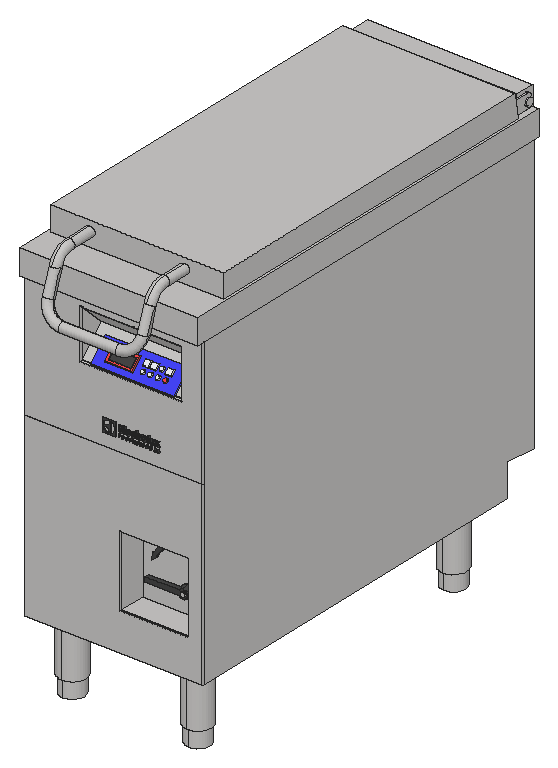
Revit family "QF_ELECTROLUXPROFESSIONAL_391350_E9PCEDRMC2", category Specialty Equipment, Revit 2018 (continued)
Automatic sketch dimensions
  Sweep 30 sketch curve to Sweep 30 sketch curve = 0 mm
  Sweep 30 sketch curve to Sweep 30 sketch curve = 52.921 mm
  Sweep 30 sketch curve to Sweep 30 sketch curve = 53 mm
  Sweep 30 sketch curve to profile plane = 0 mm
  profile plane to Sweep 30 sketch curve = 0 mm
  Sweep 31 sketch curve to plane 12 "FbY" = 77.291 mm
  Sweep 31 sketch curve to plane 25 = 48.014 mm
  Sweep 31 sketch curve to Sweep 31 sketch curve = 40 mm
  Sweep 31 sketch curve to Sweep 31 sketch curve = 13.681 mm
  Sweep 31 sketch curve to Sweep 31 sketch curve = 52.681 mm
  profile plane to Sweep 31 sketch curve = 0 mm
  Sweep 31 sketch curve to profile plane = 0 mm
  curve 1 to plane 6 "BACK" = 0 mm
  curve 1 to plane 7 "LEFT" = 0 mm
  curve 6 to plane 5 "FRONT" = 0 mm
  curve 19 to plane 5 "FRONT" = 0 mm
  curve 20 to plane 5 "FRONT" = 0 mm
  curve 24 to plane 8 "RIGHT" = 0 mm
  plane 7 "LEFT" to curve 31 = 2.5 mm
  plane 7 "LEFT" to curve 5 = 5.5 mm
  curve 31 to curve 30 = 5 mm
  curve 29 to curve 30 = 4.2 mm
  curve 28 to curve 25 = 1.8 mm
  plane 18 "C1" to curve 7 = 10 mm
  curve 15 to plane 18 "C1" = 4.758 mm
  curve 15 to curve 8 = 5.242 mm
  plane 22 "EIy" to curve 10 = 7.339 mm
  plane 22 "EIy" to curve 9 = 7.339 mm
  plane 17 "DrainY" to curve 17 = 7.339 mm
  plane 17 "DrainY" to curve 16 = 7.339 mm
  plane 19 "C2" to curve 12 = 10 mm
  plane 19 "C2" to curve 18 = 4.758 mm
  curve 11 to plane 19 "C2" = 10 mm
  plane 8 "RIGHT" to curve 25 = 13.5 mm
  curve 44 to curve 39 = 1.8 mm
  curve 37 to curve 38 = 4.2 mm
  curve 38 to curve 4 = 2 mm
  plane 8 "RIGHT" to curve 41 = 2.5 mm
  curve 12 to plane 5 "FRONT" = 31.328 mm
  curve 8 to curve 19 = 31.328 mm
  curve 18 to curve 16 = 2.708 mm
  curve 15 to curve 13 = 2.708 mm
  curve 9 to curve 13 = 5.825 mm
  curve 10 to curve 9 = 20 mm
  curve 14 to curve 13 = 7.996 mm
  curve 17 to curve 16 = 7.996 mm
  curve 5 to plane 21 "BOX" = 2.5 mm
  curve 5 to plane 6 "BACK" = 47.148 mm
  curve 4 to curve 26 = 7.148 mm
  curve 25 to curve 42 = 11.9 mm
  curve 25 to curve 31 = 11.9 mm
  curve 32 to plane 6 "BACK" = 11.9 mm
  curve 40 to plane 6 "BACK" = 11.9 mm
  curve 41 to curve 38 = 0.549 mm
  curve 32 to curve 30 = 0.549 mm
  curve 20 to curve 24 = 12.5 mm
  plane 5 "FRONT" to curve 22 = 12.5 mm
  plane 5 "FRONT" to curve 23 = 12.5 mm
  curve 4 to curve 38 = 0.61 mm
  curve 37 to curve 38 = 0 mm
  curve 5 to curve 28 = 0.61 mm
  curve 5 to curve 29 = 0.61 mm
  curve 43 to curve 42 = 0 mm
  curve 33 to curve 34 = 0 mm
  curve 35 to curve 28 = 0.549 mm
  curve 44 to curve 37 = 0.549 mm
  radius of Extrusion 1 sketch curve = 9.525 mm
  radius of Extrusion 2 sketch curve = 25 mm  (x4)
  radius of Extrusion 3 sketch curve = 28.5 mm  (x4)
  radius of Extrusion 5 sketch curve = 2.453 mm
  radius of Extrusion 5 sketch curve = 1.557 mm
  radius of Extrusion 5 sketch curve = 1.468 mm
  radius of Extrusion 5 sketch curve = 2.451 mm
  radius of Extrusion 6 sketch curve = 10 mm
  radius of Sweep 12 sketch curve = 10 mm
  radius of Sweep 13 sketch curve = 10 mm
  radius of Sweep 14 sketch curve = 10 mm
  radius of Blend 17 sketch curve = 12.025 mm
  radius of Blend 17 sketch curve = 9.25 mm
  radius of Extrusion 20 sketch curve = 5 mm
  radius of Extrusion 24 sketch curve = 8.1 mm
  radius of Extrusion 26 sketch curve = 8.1 mm
  radius of Extrusion 27 sketch curve = 9.55 mm
  radius of Sweep 29 sketch curve = 10 mm
  radius of Sweep 30 sketch curve = 10 mm
  radius of Sweep 31 sketch curve = 10 mm
Nested families
  nested 1: "QF_ELECTROLUXPROFESSIONAL_39135x_PANEL" at (40, -278.82, 692.352) x (1, 0, 0) z (0, -0.7071, 0.7071), type "QF_ELECTROLUXPROFESSIONAL_39135x_PANEL"
Connectors
  piping at (0, -135.5, 148), diameter 19.1
    settings: on Extrusion 1, index 3, connector inside diameter 609.6 mm, connector length 0 mm, flow factor 0, pipe flow 0.0 L/s, pressure drop 0.0 Pa, fitting loss kfactor 0, connector angle 0.00°, fixture units 0, engagement length 0 mm, angle of deflection 0.00°, flow configuration 1, flow direction 2, fitting loss method 0, system type 16, joint type 0, gender type 0, connector reference index -1, connector utility 0, adjustable connector no, is connector primary yes, connector description "DRAIN"
  electrical at (-52.5, 506.271, 178)
    settings: on Extrusion 6, index 4, voltage 0 V, apparent load 0 VA, apparent load phase1 0 VA, apparent load phase2 0 VA, apparent load phase3 0 VA, power factor 1, load classification "Other", number of poles 1, system type 30, power factor state 1, is connector primary yes, connector utility no, sub classification motor no, connector description "ELECTRICAL CONNECTION"
  piping at (52.5, 508.452, 178), diameter 19.1
    settings: on Extrusion 27, index 5, connector inside diameter 609.6 mm, connector length 0 mm, flow factor 0, pipe flow 0.0 L/s, pressure drop 0.0 Pa, fitting loss kfactor 0, connector angle 0.00°, fixture units 0, engagement length 0 mm, angle of deflection 0.00°, flow configuration 1, flow direction 1, fitting loss method 0, system type 20, joint type 0, gender type 0, connector reference index -1, connector utility 0, adjustable connector no, is connector primary no, connector description "COLD WATER INLET"
Definition of nested family "QF_ELECTROLUXPROFESSIONAL_39135x_PANEL"
  Parameters
    Default Elevation = 1219.2 mm
  Reference planes
    plane 1 "Center (Front/Back)": y = 0
    plane 2: z = 0
    plane 3 "Center (Left/Right)": x = 0
  Forms (mm)
    Extrusion 1, solid
      sketch origin (0, 0, 0) x (1, 0, 0) y (0, 1, 0)
        loop
          line (-1219.2, 1219.2) -> (-1219.2, -1219.2) -> (1219.2, -1219.2) -> (1219.2, 1219.2) -> (-1219.2, 1219.2)
      from 0 to -304.8
    Extrusion 2, solid
      sketch origin (0, 0, 0) x (1, 0, 0) y (0, 1, 0)
        loop
          line (-87.5, -27.5) -> (87.5, -27.5) -> (87.5, 27.5) -> (-87.5, 27.5) -> (-87.5, -27.5)
      from 0 to 1.6
    Extrusion 3, solid
      sketch origin (5, 0, 0) x (1, 0, 0) y (0, 1, 0)
        loop
          line (0, 13.927) -> (0, 1.927) -> (12, 1.927) -> (12, 13.927) -> (0, 13.927)
        loop
          line (16, 13.927) -> (16, 1.927) -> (28, 1.927) -> (28, 13.927) -> (16, 13.927)
        loop
          line (48, 13.927) -> (48, 1.927) -> (60, 1.927) -> (60, 13.927) -> (48, 13.927)
      from 3.2 to 1.6
    Extrusion 4, solid
      sketch origin (0, 0, 0) x (1, 0, 0) y (0, 1, 0)
        loop
          line (-60.193, 10) -> (-60.193, -10) -> (-12.197, -10) -> (-12.197, 10) -> (-60.193, 10)
        loop
          line (-65.193, 15) -> (-65.193, -15) -> (-7.197, -15) -> (-7.197, 15) -> (-65.193, 15)
      from 3.2 to 1.6
    Extrusion 5, solid
      sketch origin (5, 0, 0) x (1, 0, 0) y (0, 1, 0)
        loop
          circle (38, 7.927) r 4
        loop
          circle (38, -8.073) r 4
        loop
          circle (22, -8.073) r 4
        loop
          circle (6, -8.073) r 4
      from 3.2 to 1.6
    Extrusion 6, solid
      sketch origin (0, 0, 0) x (1, 0, 0) y (0, 1, 0)
        loop
          line (-60.193, 10) -> (-60.193, -10) -> (-12.197, -10) -> (-12.197, 10) -> (-60.193, 10)
      from 3.2 to 1.6
    Extrusion 7, solid
      sketch origin (5, 0, 0) x (1, 0, 0) y (0, 1, 0)
        loop
          circle (54, -8.073) r 4
      from 3.2 to 1.6
  Dimensions and locks
    aligned and locked: plane 2 to Extrusion 1
    aligned and locked: level to Extrusion 1
Types (2, lengths in mm): name | Volts | URL Manufacturer | URL | Manufacturer | Phase | Model | Item Number | Description | Cycle | Cold Water Size
  (no name) | 0 V | "" | "" | "" | 0 | "" | "" | "" | 0 Hz | 0
  Standard | 208 V | "http://professional.electrolux.com" | "http://professional.electrolux.com" | "Electrolux Professional" | 3 | "E9PCEDRMC2" | "391350" | "RETHERMALIZER USA 208/60Hz" | 60 Hz | 19.05
